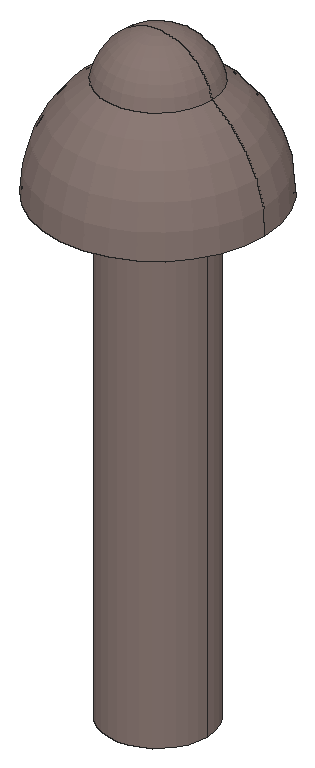
Revit family "BOL8", category Generic Models, host Floor, Revit 2024
Family settings
  Host = Floor
  Can host rebar = No
  Round Connector Dimension = Use Diameter
  Part Type = Normal
  Always vertical = Yes
  Cut with Voids When Loaded = No
  Maintain Annotation Orientation = No
  Shared = No
  Room Calculation Point = No
Parameters
  Default Elevation = 0' - 0"
Reference planes (in)
  plane 1 "Center (Front/Back)": y = 0
  plane 2: z = 0
  plane 3 "Center (Left/Right)": x = 0
Forms (in)
  Revolve 1, solid
    sketch origin (0, 0, 0) x (1, 0, 0) y (0, 0, 1)
      loop
        line (-3.49975, 32.76341) -> (-3.49975, 0) -> (-3.406, 0) -> (-3.406, 32.76341) -> (-3.49975, 32.76341)
      loop
        arc (0, 43.00087) -> (-2.44109, 42.11689) -> (-3.75018, 39.87488) r 3.8125
        arc (-3.75018, 39.87488) -> (-6.55481, 36.76625) -> (-7.5, 32.6875) r 8.35817
        line (-7.5, 32.6875) -> (-7.40622, 32.6875)
        arc (-7.40622, 32.6875) -> (-6.46293, 36.73963) -> (-3.66494, 39.81871) r 8.26442
        arc (-3.66494, 39.81871) -> (-2.39635, 42.03206) -> (0, 42.90712) r 3.71875
        line (0, 42.90712) -> (0, 43.00087)
      axis (0, 43.00087) -> (0, 0)
    angle from 0 to 360
  Revolve 2, solid, material "ACRL"
    sketch origin (0, 0, 0) x (1, 0, 0) y (0, 0, 1)
      loop
        line (-3.48814, 32.76341) -> (-3.39439, 32.76341) -> (-3.39439, 39.76341) -> (-3.48814, 39.76341) -> (-3.48814, 32.76341)
      axis (0, 39.76341) -> (0, 32.76341)
    angle from 0 to 360
  Revolve 3, solid, material "78"
    sketch origin (0, 0, 0) x (1, 0, 0) y (0, 0, 1)
      loop
        line (-2.74055, 39.76341) -> (-3.125, 39.41726) -> (-3.125, 39.30187) -> (-2.6483, 39.30187) -> (-2.6483, 39.02917) -> (-3.125, 38.59995) -> (-3.125, 38.48456) -> (-2.6483, 38.48456) -> (-2.6483, 38.21187) -> (-3.125, 37.78264) -> (-3.125, 37.66726) -> (-2.6483, 37.66726) -> (-2.6483, 37.39456) -> (-3.125, 36.96533) -> (-3.125, 36.84995) -> (-2.6483, 36.84995) -> (-2.6483, 36.57725) -> (-3.125, 36.14803) -> (-3.125, 36.03264) -> (-2.6483, 36.03264) -> (-2.6483, 35.75995) -> (-3.125, 35.33072) -> (-3.125, 35.21533) -> (-2.6483, 35.21533) -> (-2.6483, 34.94264) -> (-3.125, 34.51341) -> (-3.125, 34.39803) -> (-2.6483, 34.39803) -> (-2.6483, 34.12533) -> (-3.125, 33.6961) -> (-3.125, 33.58072) -> (-2.6483, 33.58072) -> (-2.6483, 33.30802) -> (-3.125, 32.8788) -> (-3.125, 32.76341) -> (-2.6483, 32.76341) -> (-2.3983, 32.76341) -> (-2.3983, 39.76341) -> (-2.74055, 39.76341)
      axis (0, 39.76341) -> (0, 32.76341)
    angle from 0 to 360
Dimensions and locks (in)
  equal spacing: host sketch curve, plane 1 "Center (Front/Back)", host sketch curve
  equal spacing: host sketch curve, plane 3 "Center (Left/Right)", host sketch curve
  host sketch curve to host sketch curve = 10' - 0"  (x2)
  aligned and locked: level to plane 2
